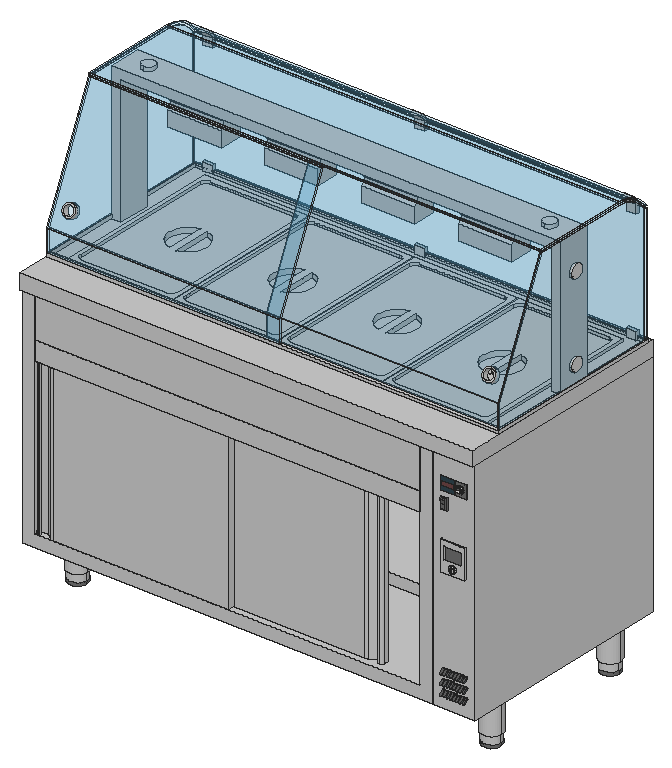
Revit family "QF_INOMAK_MFV714_250606105303", category Specialty Equipment, Revit 2021
Family settings
  Round Connector Dimension = Use Diameter
  Part Type = Normal
  OmniClass Number = 23.40.40.14
  OmniClass Title = Food Service Equipment
  Work Plane-Based = No
  Always vertical = Yes
  Cut with Voids When Loaded = No
  Shared = No
  Room Calculation Point = No
Parameters (values of type "MFV714")
  Weight [instance] = 103.002 kg
  Waste Water Discharge Temperature [instance] = 0 °C
  Waste Remarks [instance] = ""
  Warranty Start Date [instance] = ""
  Warranty Duration [instance] = ""
  Volts [instance] = 230 V
  Volt Free Conn [instance] = no
  URL Recommended Spares List [instance] = ""
  URL Manufacturer [instance] = ""
  URL Cutsheet [instance] = ""
  URL Critical Spares List [instance] = ""
  URL = "www.inomak.com"
  Technical Documentation [instance] = ""
  Tag Number [instance] = ""
  Status [instance] = ""
  Start Up Current [instance] = 0 A
  Specification by User [instance] = ""
  Specification by Manufacturer [instance] = ""
  Sound Level [instance] = ""
  Show Logo [instance] = yes
  Show Clearances [instance] = yes
  Service Life Duration [instance] = ""
  Serial Number [instance] = ""
  Seismic Rating [instance] = ""
  SMACNA No [instance] = ""
  Revision Code [instance] = ""
  Revision [instance] = ""
  Production Year [instance] = ""
  Potential Equalisation [instance] = no
  Point Load [instance] = 0
  Plumbing Remarks [instance] = ""
  Plumbing Connection Type [instance] = ""
  Phase [instance] = 1
  Other Equipment Approvals [instance] = ""
  Operational Current [instance] = 0 A
  Odor Trap Included [instance] = no
  Number of Poles [instance] = 2
  No Load Power Draw [instance] = no
  National Water Regulation Certification [instance] = no
  NAFEM Spec ID Number [instance] = ""
  Model Warning [instance] = ""
  Model = "MFV714"
  Min Ckt Ampacity [instance] = 0 A
  Max Overcurrent Protection [instance] = 16 A
  Masterspec [instance] = ""
  Manufacturer = "INOMAK"
  Main switch integrated [instance] = no
  Length Actual [instance] = 1405.89 mm
  Item Number [instance] = ""
  Installed By [instance] = ""
  Installation Date [instance] = ""
  Indirect Waste Size [instance] = 25.4 mm
  Indirect Waste Remarks [instance] = ""
  Indirect Waste Flow [instance] = 0.0 L/s
  Indirect Waste Connection Type [instance] = ""
  Indirect Waste Connection Height [instance] = 0 mm
  Identify Quantity as Lot [instance] = no
  ID [instance] = ""
  Hygiene Approval [instance] = ""
  Height Actual [instance] = 1312.926 mm
  HP power [instance] = ""
  Furnished By [instance] = ""
  Foodservice Equipment Identifier [instance] = no
  FL Amps [instance] = 11 A
  Electrical Remarks [instance] = ""
  Electric power [instance] = 2520 W
  Electric Connection Type [instance] = ""
  Elec Conn RI Height [instance] = 0 mm
  Elec Conn Connection Height [instance] = 0 mm
  ETL Approved [instance] = no
  Direct Waste Water Discharge Temperature [instance] = -273.15 °C
  Direct Waste Size [instance] = 25.4 mm
  Direct Waste RI Height [instance] = 0 mm
  Direct Waste Flow [instance] = 0.0 L/s
  Direct Waste Connection Height [instance] = 0 mm
  Description = "BAIN MARIE ON CUPBOARD WITH 3 GN PANS CAPACITY AND SHOWCASE"
  Depth Actual [instance] = 700.024 mm
  Default Elevation = 0 mm
  Cycle [instance] = 50 Hz
  Cost = 0
  Connection to energy optimisation system [instance] = yes
  Conn Plug [instance] = ""
  Conn Conduit [instance] = no
  Cold Water Temperature Recommended [instance] = 0 °C
  Cold Water Size [instance] = 12.7 mm
  Cold Water Remarks [instance] = ""
  Cold Water RI Height [instance] = 0 mm
  Cold Water Quality [instance] = ""
  Cold Water Minimum Pressure [instance] = 200000.0 Pa
  Cold Water Maximum Pressure [instance] = 600000.0 Pa
  Cold Water Flow [instance] = 0.0 L/s
  Cold Water Connection Type [instance] = ""
  Cold Water Connection Height [instance] = 0 mm
  Centralized building control system with digital interface [instance] = ""
  CSI MasterFormat [instance] = ""
  CE Approved [instance] = no
  Barcode [instance] = 0
  Author [instance] = ""
  Asset Identifier [instance] = ""
  Apparent Power [instance] = 2520 VA
  Accessory [instance] = no
Reference planes
  plane 1 "Center (Front/Back)": y = 0
  plane 2: z = 0
  plane 3 "Center (Left/Right)": x = 0
Forms (mm)
  Extrusion 1, solid, not visible
    sketch origin (110.005, -510.025, 146.007) x (1, 0, 0) y (0, 1, 0)
      loop
        line (-2, 2) -> (-2, -2) -> (2, -2) -> (2, 2) -> (-2, 2)
    from -2 to 2
  Extrusion 2, solid, not visible
    sketch origin (110.005, -410.02, 146.007) x (1, 0, 0) y (0, 1, 0)
      loop
        line (-2, 2) -> (-2, -2) -> (2, -2) -> (2, 2) -> (-2, 2)
    from -2 to 2
  Extrusion 3, solid, not visible
    sketch origin (1360.066, -635.031, 146.007) x (1, 0, 0) y (0, 1, 0)
      loop
        line (-2, 2) -> (-2, -2) -> (2, -2) -> (2, 2) -> (-2, 2)
    from -2 to 2
Dimensions and locks
  locked: nested 2 to Extrusion 1 at 2  (x2)
  locked: nested 3 to Extrusion 2 at 2  (x2)
  locked: nested 4 to Extrusion 3 at 2  (x2)
  aligned and locked: level to plane 2
Nested families
  nested 1: "QF_INOMAK_CUPBOARD_BAIN_MARIES_1410_2920" at (0, 0, 144), type "MFV714"
    with Weight 103.002 kg, Warranty Start Date "", Warranty Duration "", URL Cutsheet "", Technical Documentation "", Tag Number "", Status "", Specification by User "", Specification by Manufacturer "", Sound Level "", Solid Fuel Type "", Show Logo yes, Show Clearances yes, Service Life Duration "", Serial Number "", Seismic Rating "", SMACNA No "", Revision Code "", Revision "", Production Year "", Point Load 0, Other Equipment Approvals "", NAFEM Spec ID Number "", Model Warning "", Masterspec "", Length Actual 1405.89 mm, Item Number "", Installed By "", Installation Date "", Identify Quantity as Lot yes, ID "", Hygiene Approval "", Height Actual 1312.926 mm, Furnished By "", Foodservice Equipment Identifier yes, ETL Approved yes, Depth Actual 700.024 mm, CSI MasterFormat "", CE Approved yes, Barcode "", Author "", Asset Identifier "", Accessory no
  nested 2: "CONN_POINT_COLDWATER_2D___Generic_Annotation" at (110.005, -510.025, 144.007), type "CONN_POINT_COLDWATER_2D___Generic_Annotation"
    with Onboard connection annotation symbol visibility yes
  nested 3: "CONN_POINT_DRAIN_2D___Generic_Annotation" at (110.005, -410.02, 144.007), type "CONN_POINT_DRAIN_2D___Generic_Annotation"
    with Onboard connection annotation symbol visibility yes
  nested 4: "CONN_POINT_ELE_2D___Generic_Annotation" at (1360.066, -635.031, 144.007), type "CONN_POINT_ELE_2D___Generic_Annotation"
    with Onboard connection annotation symbol visibility yes
  nested 5: "QF_INOMAK_HEAT_WORKTOPS_HTVF_1410_5042" at (0, 0, 900), type "HTVF-1410-630"
    with Weight 0.00 kg, Warranty Start Date "", Warranty Duration "", URL Cutsheet "", Technical Documentation "", Tag Number "", Status "", Specification by User "", Specification by Manufacturer "", Sound Level "", Solid Fuel Type "", Show Logo yes, Show Clearances yes, Service Life Duration "", Serial Number "", Seismic Rating "", SMACNA No "", Revision Code "", Revision "", Production Year "", Point Load 0, Other Equipment Approvals "", NAFEM Spec ID Number "", Model Warning "", Masterspec "", Length Actual 1405.89 mm, Item Number "", Installed By "", Installation Date "", Identify Quantity as Lot yes, ID "", Hygiene Approval "", Height Actual 439.928 mm, Furnished By "", Foodservice Equipment Identifier yes, ETL Approved yes, Depth Actual 629.92 mm, CSI MasterFormat "", CE Approved yes, Barcode "", Author "", Asset Identifier "", Accessory yes
  nested 6: "QF_INOMAK_LEGS_6254" at (0, 0, 0), type "LG-1410-700"
    with Weight 0.00 kg, Warranty Start Date "", Warranty Duration "", URL Cutsheet "", Technical Documentation "", Tag Number "", Status "", Specification by User "", Specification by Manufacturer "", Sound Level "", Solid Fuel Type "", Show Logo yes, Show Clearances yes, Service Life Duration "", Serial Number "", Seismic Rating "", SMACNA No "", Revision Code "", Revision "", Production Year "", Point Load 0, Other Equipment Approvals "", NAFEM Spec ID Number "", Model Warning "", Masterspec "", Length Actual 1405.89 mm, Item Number "", Installed By "", Installation Date "", Identify Quantity as Lot yes, ID "", Hygiene Approval "", Height Actual 144.018 mm, Furnished By "", Foodservice Equipment Identifier yes, ETL Approved yes, Depth Actual 700.024 mm, CSI MasterFormat "", CE Approved yes, Barcode "", Author "", Asset Identifier "", Accessory yes
Connectors
  piping at (110.005, -510.025, 144.007), diameter 12.7, driven by "Cold Water Size", driven by "Cold Water Flow"
    settings: on Extrusion 1, index 1, connector inside diameter 609.6 mm, connector length 0 mm, flow factor 0, pipe flow 0.0 L/s, pressure drop 0.0 Pa, fitting loss kfactor 0, connector angle 0.00°, fixture units 0, engagement length 0 mm, angle of deflection 0.00°, flow configuration 1, flow direction 1, fitting loss method 0, system type 20, joint type 0, gender type 0, connector reference index -1, connector utility 0, adjustable connector no, is connector primary yes, connector description "Cold Water connection for MFV714"
  piping at (110.005, -410.02, 144.007), diameter 25.4, driven by "Indirect Waste Size", driven by "Direct Waste Flow"
    settings: on Extrusion 2, index 2, connector inside diameter 609.6 mm, connector length 0 mm, flow factor 0, pipe flow 0.0 L/s, pressure drop 0.0 Pa, fitting loss kfactor 0, connector angle 0.00°, fixture units 0, engagement length 0 mm, angle of deflection 0.00°, flow configuration 1, flow direction 2, fitting loss method 0, system type 16, joint type 0, gender type 0, connector reference index -1, connector utility 0, adjustable connector no, is connector primary no, connector description "Waste connection for MFV714"
  electrical at (1360.066, -635.031, 144.007), driven by "Apparent Power", driven by "Number of Poles", driven by "Volts"
    settings: on Extrusion 3, index 3, voltage 230 V, apparent load 0 VA, apparent load phase1 2520 VA, apparent load phase2 0 VA, apparent load phase3 0 VA, power factor 1, load classification "Other", number of poles 2, system type 31, power factor state 1, is connector primary yes, connector utility no, sub classification motor no, connector description "Electrical connection for MFV714"
Definition of nested family "QF_INOMAK_CUPBOARD_BAIN_MARIES_1410_2920"
  Parameters (values of type "MFV714")
    Weight [instance] = 0.00 kg
    Warranty Start Date [instance] = ""
    Warranty Duration [instance] = ""
    URL Cutsheet [instance] = ""
    URL = "www.inomak.com"
    Technical Documentation [instance] = ""
    Tag Number [instance] = ""
    Status [instance] = ""
    Specification by User [instance] = ""
    Specification by Manufacturer [instance] = ""
    Sound Level [instance] = ""
    Solid Fuel Type [instance] = ""
    Show Logo [instance] = yes
    Show Clearances [instance] = yes
    Service Life Duration [instance] = ""
    Serial Number [instance] = ""
    Seismic Rating [instance] = ""
    SMACNA No [instance] = ""
    Revision Code [instance] = ""
    Revision [instance] = ""
    Production Year [instance] = ""
    Point Load [instance] = 0
    Other Equipment Approvals [instance] = ""
    NAFEM Spec ID Number [instance] = ""
    Model Warning [instance] = ""
    Model = "MFV714"
    Masterspec [instance] = ""
    Manufacturer = "INOMAK"
    Length Actual [instance] = 0 mm
    Item Number [instance] = ""
    Installed By [instance] = ""
    Installation Date [instance] = ""
    Identify Quantity as Lot [instance] = yes
    ID [instance] = ""
    Hygiene Approval [instance] = ""
    Height Actual [instance] = 0 mm
    Furnished By [instance] = ""
    Foodservice Equipment Identifier [instance] = yes
    ETL Approved [instance] = yes
    Description = "BAIN MARIE ON CUPBOARD WITH 3 GN PANS CAPACITY AND SHOWCASE"
    Depth Actual [instance] = 0 mm
    Default Elevation = 0 mm
    CSI MasterFormat [instance] = ""
    CE Approved [instance] = yes
    Barcode [instance] = ""
    Author [instance] = ""
    Asset Identifier [instance] = ""
    Assembly Code = "E1090320"
    Accessory [instance] = yes
  Types (10, lengths in mm): name | Model | Description
    MFV714 | "MFV714" | "BAIN MARIE ON CUPBOARD WITH 3 GN PANS CAPACITY AND SHOWCASE"
    MDV714 | "MDV714" | "BAIN MARIE ON CUPBOARD WITH 3 GN PANS CAPACITY"
    MVV714 | "MVV714" | "BAIN MARIE ON CUPBOARD WITH 3 GN PANS CAPACITY AND SINGLE SNEEZE GUARD"
    MRV714 | "MRV714" | "BAIN MARIE ON CUPBOARD WITH 3 GN PANS CAPACITY AND DOUBLE SNEEZE GUARD"
    MFSQ714 | "MFSQ714" | "BAIN MARIE ON CUPBOARD WITH 3 GN PANS CAPACITY AND SQUARE SHOWCASE"
    MIV714 | "MIV714" | "BAIN MARIE ON HEATED CUPBOARD WITH 3 GN PANS CAPACITY AND SHOWCASE"
    MHV714 | "MHV714" | "BAIN MARIE ON HEATED CUPBOARD WITH 3 GN PANS CAPACITY"
    MJV714 | "MJV714" | "BAIN MARIE ON HEATED CUPBOARD WITH 3 GN PANS CAPACITY AND SINGLE SNEEZE GUARD"
    MQV714 | "MQV714" | "BAIN MARIE ON HEATED CUPBOARD WITH 3 GN PANS CAPACITY AND DOUBLE SNEEZE GUARD"
    MISQ714 | "MISQ714" | "BAIN MARIE ON HEATED CUPBOARD WITH 3 GN PANS CAPACITY AND SQUARE SHOWCASE"
  Reference planes
    plane 1 "Back": y = 0
    plane 2: z = 0
    plane 3 "Left": x = 0
    plane 4 "Right": x = 1406
    plane 5 "Front": y = -700
    plane 6 "Top": z = 756
  Forms (mm)
    Extrusion 1, solid
      sketch origin (784.283, -707, -123.631) x (-1, 0, 0) y (0, 0, 1)
        loop
          arc (-522.253, 235.165) -> (-526.351, 236.263) -> (-527.449, 232.165) r 3
          line (-527.449, 232.165) -> (-518.449, 216.577)
          arc (-518.449, 216.577) -> (-514.351, 215.479) -> (-513.253, 219.577) r 3
          line (-513.253, 219.577) -> (-522.253, 235.165)
        loop
          arc (-532.253, 235.165) -> (-536.351, 236.263) -> (-537.449, 232.165) r 3
          line (-537.449, 232.165) -> (-528.449, 216.577)
          arc (-528.449, 216.577) -> (-524.351, 215.479) -> (-523.253, 219.577) r 3
          line (-523.253, 219.577) -> (-532.253, 235.165)
        loop
          arc (-542.253, 235.165) -> (-546.351, 236.263) -> (-547.449, 232.165) r 3
          line (-547.449, 232.165) -> (-538.449, 216.577)
          arc (-538.449, 216.577) -> (-534.351, 215.479) -> (-533.253, 219.577) r 3
          line (-533.253, 219.577) -> (-542.253, 235.165)
        loop
          arc (-552.253, 235.165) -> (-556.351, 236.263) -> (-557.449, 232.165) r 3
          line (-557.449, 232.165) -> (-548.449, 216.577)
          arc (-548.449, 216.577) -> (-544.351, 215.479) -> (-543.253, 219.577) r 3
          line (-543.253, 219.577) -> (-552.253, 235.165)
        loop
          arc (-562.253, 235.165) -> (-566.351, 236.263) -> (-567.449, 232.165) r 3
          line (-567.449, 232.165) -> (-558.449, 216.577)
          arc (-558.449, 216.577) -> (-554.351, 215.479) -> (-553.253, 219.577) r 3
          line (-553.253, 219.577) -> (-562.253, 235.165)
        loop
          arc (-572.253, 235.165) -> (-576.351, 236.263) -> (-577.449, 232.165) r 3
          line (-577.449, 232.165) -> (-568.449, 216.577)
          arc (-568.449, 216.577) -> (-564.351, 215.479) -> (-563.253, 219.577) r 3
          line (-563.253, 219.577) -> (-572.253, 235.165)
        loop
          arc (-582.253, 235.165) -> (-586.351, 236.263) -> (-587.449, 232.165) r 3
          line (-587.449, 232.165) -> (-578.449, 216.577)
          arc (-578.449, 216.577) -> (-574.351, 215.479) -> (-573.253, 219.577) r 3
          line (-573.253, 219.577) -> (-582.253, 235.165)
        loop
          arc (-592.253, 235.165) -> (-596.351, 236.263) -> (-597.449, 232.165) r 3
          line (-597.449, 232.165) -> (-588.449, 216.577)
          arc (-588.449, 216.577) -> (-584.351, 215.479) -> (-583.253, 219.577) r 3
          line (-583.253, 219.577) -> (-592.253, 235.165)
        loop
          arc (-522.253, 205.165) -> (-526.351, 206.263) -> (-527.449, 202.165) r 3
          line (-527.449, 202.165) -> (-518.449, 186.577)
          arc (-518.449, 186.577) -> (-514.351, 185.479) -> (-513.253, 189.577) r 3
          line (-513.253, 189.577) -> (-522.253, 205.165)
        loop
          arc (-532.253, 205.165) -> (-536.351, 206.263) -> (-537.449, 202.165) r 3
          line (-537.449, 202.165) -> (-528.449, 186.577)
          arc (-528.449, 186.577) -> (-524.351, 185.479) -> (-523.253, 189.577) r 3
          line (-523.253, 189.577) -> (-532.253, 205.165)
        loop
          arc (-542.253, 205.165) -> (-546.351, 206.263) -> (-547.449, 202.165) r 3
          line (-547.449, 202.165) -> (-538.449, 186.577)
          arc (-538.449, 186.577) -> (-534.351, 185.479) -> (-533.253, 189.577) r 3
          line (-533.253, 189.577) -> (-542.253, 205.165)
        loop
          arc (-552.253, 205.165) -> (-556.351, 206.263) -> (-557.449, 202.165) r 3
          line (-557.449, 202.165) -> (-548.449, 186.577)
          arc (-548.449, 186.577) -> (-544.351, 185.479) -> (-543.253, 189.577) r 3
          line (-543.253, 189.577) -> (-552.253, 205.165)
        loop
          arc (-562.253, 205.165) -> (-566.351, 206.263) -> (-567.449, 202.165) r 3
          line (-567.449, 202.165) -> (-558.449, 186.577)
          arc (-558.449, 186.577) -> (-554.351, 185.479) -> (-553.253, 189.577) r 3
          line (-553.253, 189.577) -> (-562.253, 205.165)
        loop
          arc (-572.253, 205.165) -> (-576.351, 206.263) -> (-577.449, 202.165) r 3
          line (-577.449, 202.165) -> (-568.449, 186.577)
          arc (-568.449, 186.577) -> (-564.351, 185.479) -> (-563.253, 189.577) r 3
          line (-563.253, 189.577) -> (-572.253, 205.165)
        loop
          arc (-582.253, 205.165) -> (-586.351, 206.263) -> (-587.449, 202.165) r 3
          line (-587.449, 202.165) -> (-578.449, 186.577)
          arc (-578.449, 186.577) -> (-574.351, 185.479) -> (-573.253, 189.577) r 3
          line (-573.253, 189.577) -> (-582.253, 205.165)
        loop
          arc (-592.253, 205.165) -> (-596.351, 206.263) -> (-597.449, 202.165) r 3
          line (-597.449, 202.165) -> (-588.449, 186.577)
          arc (-588.449, 186.577) -> (-584.351, 185.479) -> (-583.253, 189.577) r 3
          line (-583.253, 189.577) -> (-592.253, 205.165)
        loop
          arc (-522.253, 175.165) -> (-526.351, 176.263) -> (-527.449, 172.165) r 3
          line (-527.449, 172.165) -> (-518.449, 156.577)
          arc (-518.449, 156.577) -> (-514.351, 155.479) -> (-513.253, 159.577) r 3
          line (-513.253, 159.577) -> (-522.253, 175.165)
        loop
          arc (-532.253, 175.165) -> (-536.351, 176.263) -> (-537.449, 172.165) r 3
          line (-537.449, 172.165) -> (-528.449, 156.577)
          arc (-528.449, 156.577) -> (-524.351, 155.479) -> (-523.253, 159.577) r 3
          line (-523.253, 159.577) -> (-532.253, 175.165)
        loop
          arc (-542.253, 175.165) -> (-546.351, 176.263) -> (-547.449, 172.165) r 3
          line (-547.449, 172.165) -> (-538.449, 156.577)
          arc (-538.449, 156.577) -> (-534.351, 155.479) -> (-533.253, 159.577) r 3
          line (-533.253, 159.577) -> (-542.253, 175.165)
        loop
          arc (-552.253, 175.165) -> (-556.351, 176.263) -> (-557.449, 172.165) r 3
          line (-557.449, 172.165) -> (-548.449, 156.577)
          arc (-548.449, 156.577) -> (-544.351, 155.479) -> (-543.253, 159.577) r 3
          line (-543.253, 159.577) -> (-552.253, 175.165)
        loop
          arc (-562.253, 175.165) -> (-566.351, 176.263) -> (-567.449, 172.165) r 3
          line (-567.449, 172.165) -> (-558.449, 156.577)
          arc (-558.449, 156.577) -> (-554.351, 155.479) -> (-553.253, 159.577) r 3
          line (-553.253, 159.577) -> (-562.253, 175.165)
        loop
          arc (-572.253, 175.165) -> (-576.351, 176.263) -> (-577.449, 172.165) r 3
          line (-577.449, 172.165) -> (-568.449, 156.577)
          arc (-568.449, 156.577) -> (-564.351, 155.479) -> (-563.253, 159.577) r 3
          line (-563.253, 159.577) -> (-572.253, 175.165)
        loop
          arc (-582.253, 175.165) -> (-586.351, 176.263) -> (-587.449, 172.165) r 3
          line (-587.449, 172.165) -> (-578.449, 156.577)
          arc (-578.449, 156.577) -> (-574.351, 155.479) -> (-573.253, 159.577) r 3
          line (-573.253, 159.577) -> (-582.253, 175.165)
        loop
          arc (-592.253, 175.165) -> (-596.351, 176.263) -> (-597.449, 172.165) r 3
          line (-597.449, 172.165) -> (-588.449, 156.577)
          arc (-588.449, 156.577) -> (-584.351, 155.479) -> (-583.253, 159.577) r 3
          line (-583.253, 159.577) -> (-592.253, 175.165)
      from 16.5 to 18.5
    Extrusion 2, solid
      sketch origin (1092.266, -692, 538.514) x (-1, 0, 0) y (0, 0, 1)
        loop
          line (-208.234, 108.408) -> (-253.234, 108.408) -> (-253.234, 68.408) -> (-208.234, 68.408) -> (-208.234, 108.408)
      from 0 to 2
    Extrusion 3, solid
      sketch origin (370.5, -693, 539.422) x (-1, 0, 0) y (0, 0, 1)
        loop
          line (-950, 15) -> (-930, 15) -> (-930, 50) -> (-950, 50) -> (-950, 15)
      from 0 to 3
    Extrusion 4, solid
      sketch origin (398.5, -568, 539.422) x (0, 1, 0) y (0, 0, 1)
        loop
          line (-125, 18) -> (-125, 47)
          arc (-125, 47) -> (-127.961, 46.812) -> (-130.754, 45.81) r 10.576
          line (-130.754, 45.81) -> (-128, 32.5) -> (-128, 18) -> (-125, 18)
      from 905 to 919
    Extrusion 5, solid
      sketch origin (1137.266, -692, 538.514) x (-1, 0, 0) y (0, 0, 1)
        loop
          line (-208.234, 108.408) -> (-243.234, 108.408) -> (-243.234, 68.408) -> (-208.234, 68.408) -> (-208.234, 108.408)
      from 0 to 2
    Extrusion 6, solid
      sketch origin (1092.266, -692.5, 538.514) x (-1, 0, 0) y (0, 0, 1)
        loop
          line (-213.234, 94.908) -> (-248.234, 94.908) -> (-248.234, 81.908) -> (-213.234, 81.908) -> (-213.234, 94.908)
      from 0 to 2.5
    Extrusion 7, solid
      sketch origin (1092.266, -692.5, 538.514) x (-1, 0, 0) y (0, 0, 1)
        loop
          line (-271.558, 91.171) -> (-275.802, 98.522) -> (-280.047, 91.171) -> (-271.558, 91.171)
        loop
          line (-271.558, 85.645) -> (-280.047, 85.645) -> (-275.802, 78.294) -> (-271.558, 85.645)
        loop
          line (-257.397, 85.645) -> (-267.397, 85.645) -> (-267.397, 78.294) -> (-257.397, 78.294) -> (-257.397, 85.645)
        loop
          line (-265.397, 98.522) -> (-267.397, 98.522) -> (-267.397, 92.322) -> (-259.549, 92.322) -> (-259.549, 91.171) -> (-257.397, 93.322) -> (-259.549, 95.474) -> (-259.549, 94.322) -> (-265.397, 94.322) -> (-265.397, 98.522)
      from 0 to 2.5
    Extrusion 8, solid
      sketch origin (-2, 0, 492) x (1, 0, 0) y (0, 1, 0)
        loop
          line (55, -50) -> (55, -580) -> (380, -580) -> (380, -50) -> (55, -50)
        loop
          arc (87.5, -65) -> (73.358, -70.858) -> (67.5, -85) r 20
          line (67.5, -85) -> (67.5, -545.415)
          arc (67.5, -545.415) -> (73.358, -559.557) -> (87.5, -565.415) r 20
          line (87.5, -565.415) -> (347.5, -565.415)
          arc (347.5, -565.415) -> (361.642, -559.557) -> (367.5, -545.415) r 20
          line (367.5, -545.415) -> (367.5, -85)
          arc (367.5, -85) -> (361.642, -70.858) -> (347.5, -65) r 20
          line (347.5, -65) -> (87.5, -65)
      from 218 to 270
    Extrusion 9, solid
      sketch origin (-2, 0, 485) x (1, 0, 0) y (0, 1, 0)
        loop
          arc (67.5, -545.415) -> (73.358, -559.557) -> (87.5, -565.415) r 20
          line (87.5, -565.415) -> (347.5, -565.415)
          arc (347.5, -565.415) -> (361.642, -559.557) -> (367.5, -545.415) r 20
          line (367.5, -545.415) -> (367.5, -85)
          arc (367.5, -85) -> (361.642, -70.858) -> (347.5, -65) r 20
          line (347.5, -65) -> (87.5, -65)
          arc (87.5, -65) -> (73.358, -70.858) -> (67.5, -85) r 20
          line (67.5, -85) -> (67.5, -545.415)
      from 225 to 270
    Extrusion 10, void
      sketch origin (-2, 0, 500) x (1, 0, 0) y (0, 1, 0)
        loop
          arc (207.5, -256.046) -> (157.5, -315.207) -> (207.5, -374.368) r 60
          line (207.5, -374.368) -> (207.5, -256.046)
        loop
          line (227.5, -256.046) -> (227.5, -374.368)
          arc (227.5, -374.368) -> (277.5, -315.207) -> (227.5, -256.046) r 60
      from 240 to 270
    Extrusion 11, solid
      sketch origin (323, 0, 492) x (1, 0, 0) y (0, 1, 0)
        loop
          line (55, -50) -> (55, -580) -> (380, -580) -> (380, -50) -> (55, -50)
        loop
          arc (87.5, -65) -> (73.358, -70.858) -> (67.5, -85) r 20
          line (67.5, -85) -> (67.5, -545.415)
          arc (67.5, -545.415) -> (73.358, -559.557) -> (87.5, -565.415) r 20
          line (87.5, -565.415) -> (347.5, -565.415)
          arc (347.5, -565.415) -> (361.642, -559.557) -> (367.5, -545.415) r 20
          line (367.5, -545.415) -> (367.5, -85)
          arc (367.5, -85) -> (361.642, -70.858) -> (347.5, -65) r 20
          line (347.5, -65) -> (87.5, -65)
      from 218 to 270
    Extrusion 12, solid
      sketch origin (323, 0, 485) x (1, 0, 0) y (0, 1, 0)
        loop
          arc (67.5, -545.415) -> (73.358, -559.557) -> (87.5, -565.415) r 20
          line (87.5, -565.415) -> (347.5, -565.415)
          arc (347.5, -565.415) -> (361.642, -559.557) -> (367.5, -545.415) r 20
          line (367.5, -545.415) -> (367.5, -85)
          arc (367.5, -85) -> (361.642, -70.858) -> (347.5, -65) r 20
          line (347.5, -65) -> (87.5, -65)
          arc (87.5, -65) -> (73.358, -70.858) -> (67.5, -85) r 20
          line (67.5, -85) -> (67.5, -545.415)
      from 225 to 270
    Extrusion 13, void
      sketch origin (323, 0, 500) x (1, 0, 0) y (0, 1, 0)
        loop
          arc (207.5, -256.046) -> (157.5, -315.207) -> (207.5, -374.368) r 60
          line (207.5, -374.368) -> (207.5, -256.046)
        loop
          line (227.5, -256.046) -> (227.5, -374.368)
          arc (227.5, -374.368) -> (277.5, -315.207) -> (227.5, -256.046) r 60
      from 240 to 270
    Extrusion 14, solid
      sketch origin (973, 0, 492) x (1, 0, 0) y (0, 1, 0)
        loop
          line (55, -50) -> (55, -580) -> (380, -580) -> (380, -50) -> (55, -50)
        loop
          arc (87.5, -65) -> (73.358, -70.858) -> (67.5, -85) r 20
          line (67.5, -85) -> (67.5, -545.415)
          arc (67.5, -545.415) -> (73.358, -559.557) -> (87.5, -565.415) r 20
          line (87.5, -565.415) -> (347.5, -565.415)
          arc (347.5, -565.415) -> (361.642, -559.557) -> (367.5, -545.415) r 20
          line (367.5, -545.415) -> (367.5, -85)
          arc (367.5, -85) -> (361.642, -70.858) -> (347.5, -65) r 20
          line (347.5, -65) -> (87.5, -65)
      from 218 to 270
    Extrusion 15, solid
      sketch origin (973, 0, 485) x (1, 0, 0) y (0, 1, 0)
        loop
          arc (67.5, -545.415) -> (73.358, -559.557) -> (87.5, -565.415) r 20
          line (87.5, -565.415) -> (347.5, -565.415)
          arc (347.5, -565.415) -> (361.642, -559.557) -> (367.5, -545.415) r 20
          line (367.5, -545.415) -> (367.5, -85)
          arc (367.5, -85) -> (361.642, -70.858) -> (347.5, -65) r 20
          line (347.5, -65) -> (87.5, -65)
          arc (87.5, -65) -> (73.358, -70.858) -> (67.5, -85) r 20
          line (67.5, -85) -> (67.5, -545.415)
      from 225 to 270
    Extrusion 16, void
      sketch origin (973, 0, 500) x (1, 0, 0) y (0, 1, 0)
        loop
          arc (207.5, -256.046) -> (157.5, -315.207) -> (207.5, -374.368) r 60
          line (207.5, -374.368) -> (207.5, -256.046)
        loop
          line (227.5, -256.046) -> (227.5, -374.368)
          arc (227.5, -374.368) -> (277.5, -315.207) -> (227.5, -256.046) r 60
      from 240 to 270
    Extrusion 17, solid
      sketch origin (0, 0, 710) x (1, 0, 0) y (0, 1, 0)
        loop
          line (0, 0) -> (0, -700) -> (1406, -700) -> (1406, 0) -> (0, 0)
        loop
          line (53, -50) -> (53, -580) -> (1353, -580) -> (1353, -50) -> (53, -50)
      from 0 to 46
    Extrusion 18, solid
      sketch origin (0, 0, 0) x (1, 0, 0) y (0, 1, 0)
        loop
          line (0, -690) -> (40, -690) -> (40, -40) -> (1235, -40) -> (1235, -690) -> (1275, -690) -> (1275, 0) -> (0, 0) -> (0, -690)
      from 0 to 710
    Extrusion 19, solid
      sketch origin (303, 0, 0) x (1, 0, 0) y (0, 1, 0)
        loop
          line (972, 0) -> (972, -690) -> (1103, -690) -> (1103, 0) -> (972, 0)
      from 0 to 710
    Extrusion 20, solid
      sketch origin (-130, -690, 0) x (-1, 0, 0) y (0, 1, 0)
        loop
          line (-170, 10) -> (-170, 20) -> (-770, 20) -> (-770, 0) -> (-226.156, 0)
          arc (-226.156, 0) -> (-220.272, 0.885) -> (-214.91, 3.461) r 20
          line (-214.91, 3.461) -> (-195, 17) -> (-173, 17) -> (-173, 10)
          arc (-173, 10) -> (-175.05, 5.05) -> (-180, 3) r 7
          line (-180, 3) -> (-185.012, 3) -> (-185.012, 0) -> (-180, 0)
          arc (-180, 0) -> (-172.929, 2.929) -> (-170, 10) r 10
      from -40 to -520
    Extrusion 21, solid
      sketch origin (173, -690, 0) x (-1, 0, 0) y (0, 1, 0)
        loop
          arc (-930, 30) -> (-927.071, 22.929) -> (-920, 20) r 10
          line (-920, 20) -> (-914.988, 20) -> (-914.988, 23) -> (-920, 23)
          arc (-920, 23) -> (-924.95, 25.05) -> (-927, 30) r 7
          line (-927, 30) -> (-927, 37) -> (-905, 37) -> (-885.09, 23.461)
          arc (-885.09, 23.461) -> (-879.728, 20.885) -> (-873.844, 20) r 20
          line (-873.844, 20) -> (-325, 20) -> (-325, 40) -> (-930, 40) -> (-930, 30)
      from -40 to -520
    Extrusion 22, solid
      sketch origin (0, 0, 0) x (1, 0, 0) y (0, 1, 0)
        loop
          line (40, -40) -> (40, -690) -> (1235, -690) -> (1235, -40) -> (40, -40)
      from 0 to 40
    Extrusion 23, solid
      sketch origin (0, 0, 672.314) x (1, 0, 0) y (0, 1, 0)
        loop
          line (40, -40) -> (40, -690) -> (1235, -690) -> (1235, -40) -> (40, -40)
      from -92.314 to 37.686
    Extrusion 24, solid
      sketch origin (0, 0, 610.314) x (1, 0, 0) y (0, 1, 0)
        loop
          line (40, -40) -> (40, -690) -> (1235, -690) -> (1235, -40) -> (40, -40)
      from -90.314 to -30.314
    Extrusion 25, solid
      sketch origin (-2, 0, 252.5) x (1, 0, 0) y (0, 1, 0)
        loop
          line (42, -40) -> (42, -645) -> (1237, -645) -> (1237, -40) -> (42, -40)
      from 0 to 35
    Extrusion 26, solid
      sketch origin (310.002, -695, 50) x (-1, 0, 0) y (0, 0, 1)
        loop
          line (-992.998, 421.076) -> (-1067.998, 421.076) -> (-1067.998, 331.076) -> (-992.998, 331.076) -> (-992.998, 421.076)
        loop
          line (-1003.957, 406.276) -> (-1058.957, 406.276) -> (-1058.957, 366.276) -> (-1003.957, 366.276) -> (-1003.957, 406.276)
      from 0 to 5
    Extrusion 27, solid
      sketch origin (310.002, -692, 50) x (-1, 0, 0) y (0, 0, 1)
        loop
          line (-1003.957, 406.276) -> (-1058.957, 406.276) -> (-1058.957, 366.276) -> (-1003.957, 366.276) -> (-1003.957, 406.276)
      from 0 to 2
    Revolve 28, solid
      sketch origin (1340.5, 59.612, -3292.415) x (0, 1, 0) y (0, 0, 1)
        loop
          line (-757.012, 3691.152) -> (-754.612, 3691.152) -> (-754.612, 3701.789) -> (-757.662, 3701.789) -> (-759.012, 3699.998) -> (-757.012, 3699.998) -> (-757.012, 3691.152)
        axis (-754.612, 3691.152) -> (-759.012, 3691.152)
      angle from 0 to 360
    Extrusion 29, solid
      sketch origin (-751.127, -695, 2689.585) x (-1, 0, 0) y (0, 0, 1)
        loop
          line (-2090.827, -2287.348) -> (-2092.827, -2287.348) -> (-2092.827, -2294.348) -> (-2090.827, -2294.348) -> (-2090.827, -2287.348)
        loop
          circle (-2091.627, -2290.848) r 7.846
      from -4.4 to -2.4
    Extrusion 30, solid
      sketch origin (648, 0, 492) x (1, 0, 0) y (0, 1, 0)
        loop
          line (55, -50) -> (55, -580) -> (380, -580) -> (380, -50) -> (55, -50)
        loop
          arc (87.5, -65) -> (73.358, -70.858) -> (67.5, -85) r 20
          line (67.5, -85) -> (67.5, -545.415)
          arc (67.5, -545.415) -> (73.358, -559.557) -> (87.5, -565.415) r 20
          line (87.5, -565.415) -> (347.5, -565.415)
          arc (347.5, -565.415) -> (361.642, -559.557) -> (367.5, -545.415) r 20
          line (367.5, -545.415) -> (367.5, -85)
          arc (367.5, -85) -> (361.642, -70.858) -> (347.5, -65) r 20
          line (347.5, -65) -> (87.5, -65)
      from 218 to 270
    Extrusion 31, solid
      sketch origin (648, 0, 485) x (1, 0, 0) y (0, 1, 0)
        loop
          arc (67.5, -545.415) -> (73.358, -559.557) -> (87.5, -565.415) r 20
          line (87.5, -565.415) -> (347.5, -565.415)
          arc (347.5, -565.415) -> (361.642, -559.557) -> (367.5, -545.415) r 20
          line (367.5, -545.415) -> (367.5, -85)
          arc (367.5, -85) -> (361.642, -70.858) -> (347.5, -65) r 20
          line (347.5, -65) -> (87.5, -65)
          arc (87.5, -65) -> (73.358, -70.858) -> (67.5, -85) r 20
          line (67.5, -85) -> (67.5, -545.415)
      from 225 to 270
    Extrusion 32, void
      sketch origin (648, 0, 500) x (1, 0, 0) y (0, 1, 0)
        loop
          arc (207.5, -256.046) -> (157.5, -315.207) -> (207.5, -374.368) r 60
          line (207.5, -374.368) -> (207.5, -256.046)
        loop
          line (227.5, -256.046) -> (227.5, -374.368)
          arc (227.5, -374.368) -> (277.5, -315.207) -> (227.5, -256.046) r 60
      from 240 to 270
  Cuts and joins
    Extrusion 10, Extrusion 13 cuts Extrusion 9
    Extrusion 13, Extrusion 16, Extrusion 32 cuts Extrusion 12
    Extrusion 16 cuts Extrusion 15
    joined: Extrusion 18, Extrusion 22
    Extrusion 32 cuts Extrusion 31
  Lines and regions (mm)
    symbolic lines
      curve 1: line (0, 0, 0) -> (1406, 0, 0)
      curve 2: line (0, -700, 0) -> (0, 0, 0)
      curve 3: line (1406, -700, 0) -> (0, -700, 0)
      curve 4: line (1406, 0, 0) -> (1406, -700, 0)
      curve 5: line (53, -50, 0) -> (1353, -50, 0)
      curve 6: line (53, -580, 0) -> (53, -50, 0)
      curve 7: line (1353, -580, 0) -> (53, -580, 0)
      curve 8: line (703, -50, 0) -> (703, -580, 0)
      curve 9: line (378, -50, 0) -> (378, -580, 0)
      curve 10: line (1353, -50, 0) -> (1353, -580, 0)
      curve 11: line (1028, -50, 0) -> (1028, -580, 0)
      curve 12: line (85.5, -65, 0) -> (345.5, -65, 0)
      curve 13: arc (345.5, -65, 0) -> (359.642, -70.858, 0) -> (365.5, -85, 0) r 20
      curve 14: line (365.5, -85, 0) -> (365.5, -545.415, 0)
      curve 15: arc (365.5, -545.415, 0) -> (359.642, -559.557, 0) -> (345.5, -565.415, 0) r 20
      curve 16: line (345.5, -565.415, 0) -> (85.5, -565.415, 0)
      curve 17: arc (85.5, -565.415, 0) -> (71.358, -559.557, 0) -> (65.5, -545.415, 0) r 20
      curve 18: line (65.5, -545.415, 0) -> (65.5, -85, 0)
      curve 19: arc (65.5, -85, 0) -> (71.358, -70.858, 0) -> (85.5, -65, 0) r 20
      curve 20: arc (205.5, -256.046, 0) -> (155.5, -315.207, 0) -> (205.5, -374.368, 0) r 60
      curve 21: line (205.5, -374.368, 0) -> (205.5, -256.046, 0)
      curve 22: line (225.5, -256.046, 0) -> (225.5, -374.368, 0)
      curve 23: arc (225.5, -374.368, 0) -> (275.5, -315.207, 0) -> (225.5, -256.046, 0) r 60
      curve 24: arc (390.5, -85, 0) -> (396.358, -70.858, 0) -> (410.5, -65, 0) r 20
      curve 25: line (410.5, -65, 0) -> (670.5, -65, 0)
      curve 26: arc (670.5, -65, 0) -> (684.642, -70.858, 0) -> (690.5, -85, 0) r 20
      curve 27: line (690.5, -85, 0) -> (690.5, -545.415, 0)
      curve 28: arc (690.5, -545.415, 0) -> (684.642, -559.557, 0) -> (670.5, -565.415, 0) r 20
      curve 29: line (670.5, -565.415, 0) -> (410.5, -565.415, 0)
      curve 30: arc (410.5, -565.415, 0) -> (396.358, -559.557, 0) -> (390.5, -545.415, 0) r 20
      curve 31: line (390.5, -545.415, 0) -> (390.5, -85, 0)
      curve 32: arc (530.5, -256.046, 0) -> (480.5, -315.207, 0) -> (530.5, -374.368, 0) r 60
      curve 33: line (530.5, -374.368, 0) -> (530.5, -256.046, 0)
      curve 34: line (550.5, -256.046, 0) -> (550.5, -374.368, 0)
      curve 35: arc (550.5, -374.368, 0) -> (600.5, -315.207, 0) -> (550.5, -256.046, 0) r 60
      curve 36: line (715.5, -545.415, 0) -> (715.5, -85, 0)
      curve 37: arc (715.5, -85, 0) -> (721.358, -70.858, 0) -> (735.5, -65, 0) r 20
      curve 38: line (735.5, -65, 0) -> (995.5, -65, 0)
      curve 39: arc (995.5, -65, 0) -> (1009.642, -70.858, 0) -> (1015.5, -85, 0) r 20
      curve 40: line (1015.5, -85, 0) -> (1015.5, -545.415, 0)
      curve 41: arc (1015.5, -545.415, 0) -> (1009.642, -559.557, 0) -> (995.5, -565.415, 0) r 20
      curve 42: line (995.5, -565.415, 0) -> (735.5, -565.415, 0)
      curve 43: arc (735.5, -565.415, 0) -> (721.358, -559.557, 0) -> (715.5, -545.415, 0) r 20
      curve 44: arc (855.5, -256.046, 0) -> (805.5, -315.207, 0) -> (855.5, -374.368, 0) r 60
      curve 45: line (855.5, -374.368, 0) -> (855.5, -256.046, 0)
      curve 46: line (875.5, -256.046, 0) -> (875.5, -374.368, 0)
      curve 47: arc (875.5, -374.368, 0) -> (925.5, -315.207, 0) -> (875.5, -256.046, 0) r 60
      curve 48: line (1060.5, -65, 0) -> (1320.5, -65, 0)
      curve 49: arc (1320.5, -65, 0) -> (1334.642, -70.858, 0) -> (1340.5, -85, 0) r 20
      curve 50: line (1340.5, -85, 0) -> (1340.5, -545.415, 0)
      curve 51: arc (1340.5, -545.415, 0) -> (1334.642, -559.557, 0) -> (1320.5, -565.415, 0) r 20
      curve 52: line (1320.5, -565.415, 0) -> (1060.5, -565.415, 0)
      curve 53: arc (1060.5, -565.415, 0) -> (1046.358, -559.557, 0) -> (1040.5, -545.415, 0) r 20
      curve 54: line (1040.5, -545.415, 0) -> (1040.5, -85, 0)
      curve 55: arc (1040.5, -85, 0) -> (1046.358, -70.858, 0) -> (1060.5, -65, 0) r 20
      curve 56: arc (1180.5, -256.046, 0) -> (1130.5, -315.207, 0) -> (1180.5, -374.368, 0) r 60
      curve 57: line (1180.5, -374.368, 0) -> (1180.5, -256.046, 0)
      curve 58: line (1200.5, -256.046, 0) -> (1200.5, -374.368, 0)
      curve 59: arc (1200.5, -374.368, 0) -> (1250.5, -315.207, 0) -> (1200.5, -256.046, 0) r 60
  Dimensions and locks
    plane 3 "Left" to plane 4 "Right" = 1406 mm
    plane 5 "Front" to plane 1 "Back" = 700 mm
    plane 6 "Top" to plane 2 = 756 mm
    aligned and locked: level to plane 2
Definition of nested family "QF_INOMAK_HEAT_WORKTOPS_HTVF_1410_5042"
  Parameters (values of type "HTVF-1410-630")
    Weight [instance] = 0.00 kg
    Warranty Start Date [instance] = ""
    Warranty Duration [instance] = ""
    URL Cutsheet [instance] = ""
    URL = "www.inomak.com"
    Technical Documentation [instance] = ""
    Tag Number [instance] = ""
    Status [instance] = ""
    Specification by User [instance] = ""
    Specification by Manufacturer [instance] = ""
    Sound Level [instance] = ""
    Solid Fuel Type [instance] = ""
    Show Logo [instance] = yes
    Show Clearances [instance] = yes
    Service Life Duration [instance] = ""
    Serial Number [instance] = ""
    Seismic Rating [instance] = ""
    SMACNA No [instance] = ""
    Revision Code [instance] = ""
    Revision [instance] = ""
    Production Year [instance] = ""
    Point Load [instance] = 0
    Other Equipment Approvals [instance] = ""
    NAFEM Spec ID Number [instance] = ""
    Model Warning [instance] = ""
    Model = "HTVF"
    Masterspec [instance] = ""
    Manufacturer = "INOMAK"
    Length Actual [instance] = 0 mm
    Item Number [instance] = ""
    Installed By [instance] = ""
    Installation Date [instance] = ""
    Identify Quantity as Lot [instance] = yes
    ID [instance] = ""
    Hygiene Approval [instance] = ""
    Height Actual [instance] = 0 mm
    Furnished By [instance] = ""
    Foodservice Equipment Identifier [instance] = yes
    ETL Approved [instance] = yes
    Description = "FULL LENGTH VITRINE"
    Depth Actual [instance] = 0 mm
    Default Elevation = 0 mm
    CSI MasterFormat [instance] = ""
    CE Approved [instance] = yes
    Barcode [instance] = ""
    Author [instance] = ""
    Asset Identifier [instance] = ""
    Assembly Code = "E1090320"
    Accessory [instance] = yes
  Reference planes
    plane 1 "Back": y = 0
    plane 2: z = 0
    plane 3 "Left": x = 0
    plane 4 "Right": x = 1406
    plane 5 "Front": y = -630
    plane 6 "Top": z = 440
  Forms (mm)
    Extrusion 1, solid
      sketch origin (1080, -2300.77, 3167) x (0, -1, 0) y (0, 0, 1)
        loop
          line (-2280.77, -3157) -> (-2275.77, -3157) -> (-2275.77, -2791.06) -> (-2280.77, -2791.06) -> (-2280.77, -3157)
      from -326 to 1080
    Extrusion 2, solid
      sketch origin (0, 0, -833) x (0, 1, 0) y (0, 0, 1)
        loop
          line (-596, 843) -> (-30, 843) -> (-30, 1210.94)
          arc (-30, 1210.94) -> (-72.588, 1249.179) -> (-128.129, 1263) r 118.514
          line (-128.129, 1263) -> (-432.792, 1263) -> (-596, 913) -> (-596, 843)
      from 0 to 5
    Extrusion 3, solid
      sketch origin (1080, 0, -833) x (0, -1, 0) y (0, 0, 1)
        loop
          line (20, 1213.94) -> (25.993, 1213.94)
          arc (25.993, 1213.94) -> (70.349, 1253.652) -> (128.129, 1268) r 123.514
          line (128.129, 1268) -> (432.8, 1268) -> (432.8, 1273) -> (128.129, 1273)
          arc (128.129, 1273) -> (66.526, 1257.273) -> (20, 1213.94) r 128.514
      from -326 to 1080
    Extrusion 4, solid
      sketch origin (0, 1874.578, 0) x (0, 1, 0) y (-1, 0, 0)
        loop
          line (-1894.578, 0) -> (-2470.578, 0) -> (-2470.578, -1406) -> (-1894.578, -1406) -> (-1894.578, 0)
        loop
          line (-2460.578, -5) -> (-2460.578, -1401) -> (-1899.578, -1401) -> (-1899.578, -5) -> (-2460.578, -5)
      from 0 to 10
    Extrusion 5, solid
      sketch origin (1406, -2300.77, 3167) x (0, -1, 0) y (0, 0, 1)
        loop
          line (-1704.77, -3157) -> (-1704.77, -3087) -> (-1867.977, -2737) -> (-2172.64, -2737)
          arc (-2172.64, -2737) -> (-2228.182, -2750.821) -> (-2270.77, -2789.06) r 118.514
          line (-2270.77, -2789.06) -> (-2270.77, -3157) -> (-1704.77, -3157)
      from 0 to 5
    Extrusion 6, solid
      sketch origin (789.276, 0, -833) x (0, -1, 0) y (0, 0, 1)
        loop
          line (596, 913) -> (432.792, 1263) -> (427.275, 1263) -> (591, 911.892) -> (591, 843) -> (596, 843) -> (596, 913)
      from 63.776 to 784.276
    Extrusion 7, solid
      sketch origin (326.724, 0, -833) x (0, -1, 0) y (0, 0, -1)
        loop
          line (591, -843) -> (586, -843) -> (586, -910.783) -> (421.759, -1263) -> (427.275, -1263) -> (591, -911.892) -> (591, -843)
      from 351.776 to 1074.276
    Extrusion 8, void
      sketch origin (789.276, -596, 80) x (0, -0.422618, -0.906308) y (-1, 0, 0)
        loop
          circle (-59.994, 736.477) r 20
      from -10.04 to 20
    Extrusion 9, solid
      sketch origin (789.276, -596, 80) x (0, 0.422618, 0.906308) y (-1, 0, 0)
        loop
          circle (59.994, 736.477) r 15
        loop
          circle (59.994, 736.477) r 20
      from -10 to 5
    Extrusion 10, solid
      sketch origin (326.724, -591, 78.892) x (0, 0.422618, 0.906308) y (-1, 0, 0)
        loop
          circle (58.886, -1026.477) r 15
        loop
          circle (58.886, -1026.477) r 20
      from -10 to 5
    Extrusion 11, void
      sketch origin (326.724, -591, 78.892) x (0, -0.422618, -0.906308) y (-1, 0, 0)
        loop
          circle (-58.886, -1026.477) r 20
      from -17.606 to 20.583
    Extrusion 12, solid
      sketch origin (60, 0, -833) x (0, -1, 0) y (0, 0, 1)
        loop
          line (18, 1214.525) -> (18, 1183.94) -> (27, 1183.94) -> (27, 1211.854)
          arc (27, 1211.854) -> (33.636, 1220.884) -> (41.076, 1229.265) r 121.514
          line (41.076, 1229.265) -> (34.712, 1235.629)
          arc (34.712, 1235.629) -> (25.81, 1225.509) -> (18, 1214.525) r 130.514
      from 0 to 30
    Extrusion 13, solid
      sketch origin (718, 0, -833) x (0, -1, 0) y (0, 0, 1)
        loop
          line (18, 1214.525) -> (18, 1183.94) -> (27, 1183.94) -> (27, 1211.854)
          arc (27, 1211.854) -> (33.636, 1220.884) -> (41.076, 1229.265) r 121.514
          line (41.076, 1229.265) -> (34.712, 1235.629)
          arc (34.712, 1235.629) -> (25.81, 1225.509) -> (18, 1214.525) r 130.514
      from 0 to 30
    Extrusion 14, solid
      sketch origin (790, 0, -873) x (0, -1, 0) y (0, 0, 1)
        loop
          line (18, 873) -> (27, 873) -> (27, 898) -> (18, 898) -> (18, 873)
      from 730 to 760
    Extrusion 15, solid
      sketch origin (1448, 0, -873) x (0, -1, 0) y (0, 0, 1)
        loop
          line (18, 873) -> (27, 873) -> (27, 898) -> (18, 898) -> (18, 873)
      from 730 to 760
    Extrusion 16, solid
      sketch origin (0, -695.221, -833) x (-1, 0, 0) y (0, 0, 1)
        loop
          line (-5, 833) -> (-5, 1258) -> (-1401, 1258) -> (-1401, 833) -> (-1371, 833) -> (-1371, 1228) -> (-35, 1228) -> (-35, 833) -> (-5, 833)
      from 345.221 to 445.221
    Extrusion 17, solid
      sketch origin (790, 0, -833) x (0, -1, 0) y (0, 0, 1)
        loop
          circle (300, 1158) r 20
      from 785 to 795
    Extrusion 18, solid
      sketch origin (790, 0, 1357) x (0, -1, 0) y (0, 0, 1)
        loop
          circle (300, -1292) r 20
      from 785 to 795
    Extrusion 19, solid
      sketch origin (616, 0, -833) x (0, -1, 0) y (0, 0, -1)
        loop
          circle (300, -1158) r 20
      from 785 to 795
    Extrusion 20, solid
      sketch origin (616, 0, 1357) x (0, -1, 0) y (0, 0, -1)
        loop
          circle (300, 1292) r 20
      from 785 to 795
    Extrusion 21, solid
      sketch origin (0, 1874.578, 40) x (0, 1, 0) y (-1, 0, 0)
        loop
          circle (-2174.578, -80) r 20
      from 385 to 395
    Extrusion 22, solid
      sketch origin (326, 1874.578, 40) x (0, 1, 0) y (-1, 0, 0)
        loop
          circle (-2174.578, -1000) r 20
      from 385 to 395
    Extrusion 23, solid
      sketch origin (1346, 0, -833) x (0, -1, 0) y (0, 0, -1)
        loop
          arc (18, -1214.525) -> (25.81, -1225.509) -> (34.712, -1235.629) r 130.514
          line (34.712, -1235.629) -> (41.076, -1229.265)
          arc (41.076, -1229.265) -> (33.636, -1220.884) -> (27, -1211.854) r 121.514
          line (27, -1211.854) -> (27, -1183.94) -> (18, -1183.94) -> (18, -1214.525)
      from 0 to 30
    Extrusion 24, solid
      sketch origin (616, 0, -873) x (0, -1, 0) y (0, 0, -1)
        loop
          line (18, -873) -> (18, -898) -> (27, -898) -> (27, -873) -> (18, -873)
      from 730 to 760
    Extrusion 25, solid
      sketch origin (159, 0, 0) x (0, 1, 0) y (0, 0, 1)
        loop
          line (-265, 395) -> (-335, 395) -> (-335, 385) -> (-324.393, 374.393) -> (-275.607, 374.393) -> (-265, 385) -> (-265, 395)
      from 10 to 175
    Extrusion 26, solid
      sketch origin (169, 0, 0) x (0, 1, 0) y (0, 0, 1)
        loop
          line (-275.607, 374.393) -> (-324.393, 374.393) -> (-324.393, 364.393) -> (-335, 353.787) -> (-335, 305) -> (-265, 305) -> (-265, 353.787) -> (-275.607, 364.393) -> (-275.607, 374.393)
      from 0 to 5
    Extrusion 27, solid
      sketch origin (174, 0, 0) x (0, 1, 0) y (0, 0, 1)
        loop
          line (-275.607, 374.393) -> (-324.393, 374.393) -> (-324.393, 364.393) -> (-335, 353.787) -> (-335, 305) -> (-330, 305) -> (-330, 348.787) -> (-270, 348.787) -> (-270, 305) -> (-265, 305) -> (-265, 353.787) -> (-275.607, 364.393) -> (-275.607, 374.393)
      from 0 to 155
    Extrusion 28, solid
      sketch origin (329, 0, 0) x (0, 1, 0) y (0, 0, 1)
        loop
          line (-275.607, 374.393) -> (-324.393, 374.393) -> (-324.393, 364.393) -> (-335, 353.787) -> (-335, 305) -> (-265, 305) -> (-265, 353.787) -> (-275.607, 364.393) -> (-275.607, 374.393)
      from 0 to 5
    Extrusion 29, solid
      sketch origin (460, 0, 0) x (0, 1, 0) y (0, 0, 1)
        loop
          line (-265, 395) -> (-335, 395) -> (-335, 385) -> (-324.393, 374.393) -> (-275.607, 374.393) -> (-265, 385) -> (-265, 395)
      from 10 to 175
    Extrusion 30, solid
      sketch origin (470, 0, 0) x (0, 1, 0) y (0, 0, 1)
        loop
          line (-275.607, 374.393) -> (-324.393, 374.393) -> (-324.393, 364.393) -> (-335, 353.787) -> (-335, 305) -> (-265, 305) -> (-265, 353.787) -> (-275.607, 364.393) -> (-275.607, 374.393)
      from 0 to 5
    Extrusion 31, solid
      sketch origin (475, 0, 0) x (0, 1, 0) y (0, 0, 1)
        loop
          line (-275.607, 374.393) -> (-324.393, 374.393) -> (-324.393, 364.393) -> (-335, 353.787) -> (-335, 305) -> (-330, 305) -> (-330, 348.787) -> (-270, 348.787) -> (-270, 305) -> (-265, 305) -> (-265, 353.787) -> (-275.607, 364.393) -> (-275.607, 374.393)
      from 0 to 155
    Extrusion 32, solid
      sketch origin (630, 0, 0) x (0, 1, 0) y (0, 0, 1)
        loop
          line (-275.607, 374.393) -> (-324.393, 374.393) -> (-324.393, 364.393) -> (-335, 353.787) -> (-335, 305) -> (-265, 305) -> (-265, 353.787) -> (-275.607, 364.393) -> (-275.607, 374.393)
      from 0 to 5
    Extrusion 33, solid
      sketch origin (1247, 0, 0) x (0, 1, 0) y (0, 0, -1)
        loop
          line (-265, -395) -> (-265, -385) -> (-275.607, -374.393) -> (-324.393, -374.393) -> (-335, -385) -> (-335, -395) -> (-265, -395)
      from 10 to 175
    Extrusion 34, solid
      sketch origin (1237, 0, 0) x (0, 1, 0) y (0, 0, -1)
        loop
          line (-275.607, -374.393) -> (-275.607, -364.393) -> (-265, -353.787) -> (-265, -305) -> (-335, -305) -> (-335, -353.787) -> (-324.393, -364.393) -> (-324.393, -374.393) -> (-275.607, -374.393)
      from 0 to 5
    Extrusion 35, solid
      sketch origin (1232, 0, 0) x (0, 1, 0) y (0, 0, -1)
        loop
          line (-275.607, -374.393) -> (-275.607, -364.393) -> (-265, -353.787) -> (-265, -305) -> (-270, -305) -> (-270, -348.787) -> (-330, -348.787) -> (-330, -305) -> (-335, -305) -> (-335, -353.787) -> (-324.393, -364.393) -> (-324.393, -374.393) -> (-275.607, -374.393)
      from 0 to 155
    Extrusion 36, solid
      sketch origin (1077, 0, 0) x (0, 1, 0) y (0, 0, -1)
        loop
          line (-275.607, -374.393) -> (-275.607, -364.393) -> (-265, -353.787) -> (-265, -305) -> (-335, -305) -> (-335, -353.787) -> (-324.393, -364.393) -> (-324.393, -374.393) -> (-275.607, -374.393)
      from 0 to 5
    Extrusion 37, solid
      sketch origin (946, 0, 0) x (0, 1, 0) y (0, 0, -1)
        loop
          line (-265, -395) -> (-265, -385) -> (-275.607, -374.393) -> (-324.393, -374.393) -> (-335, -385) -> (-335, -395) -> (-265, -395)
      from 10 to 175
    Extrusion 38, solid
      sketch origin (936, 0, 0) x (0, 1, 0) y (0, 0, -1)
        loop
          line (-275.607, -374.393) -> (-275.607, -364.393) -> (-265, -353.787) -> (-265, -305) -> (-335, -305) -> (-335, -353.787) -> (-324.393, -364.393) -> (-324.393, -374.393) -> (-275.607, -374.393)
      from 0 to 5
    Extrusion 39, solid
      sketch origin (931, 0, 0) x (0, 1, 0) y (0, 0, -1)
        loop
          line (-275.607, -374.393) -> (-275.607, -364.393) -> (-265, -353.787) -> (-265, -305) -> (-270, -305) -> (-270, -348.787) -> (-330, -348.787) -> (-330, -305) -> (-335, -305) -> (-335, -353.787) -> (-324.393, -364.393) -> (-324.393, -374.393) -> (-275.607, -374.393)
      from 0 to 155
    Extrusion 40, solid
      sketch origin (776, 0, 0) x (0, 1, 0) y (0, 0, -1)
        loop
          line (-275.607, -374.393) -> (-275.607, -364.393) -> (-265, -353.787) -> (-265, -305) -> (-335, -305) -> (-335, -353.787) -> (-324.393, -364.393) -> (-324.393, -374.393) -> (-275.607, -374.393)
      from 0 to 5
  Cuts and joins
    Extrusion 8 cuts Extrusion 6
    Extrusion 11 cuts Extrusion 7
    joined: Extrusion 26, Extrusion 27, Extrusion 28
    joined: Extrusion 30, Extrusion 31, Extrusion 32
    joined: Extrusion 34, Extrusion 35, Extrusion 36
    joined: Extrusion 38, Extrusion 39, Extrusion 40
  Lines and regions (mm)
    Masking region 1
      outline origin (0, 0, 0) x (1, 0, 0) y (0, 1, 0)
        loop
          line (0, -20) -> (0, -596) -> (1406, -596) -> (1406, -20) -> (0, -20)
    symbolic lines
      curve 1: line (0, -20, 0) -> (1406, -20, 0)
      curve 2: line (0, -596, 0) -> (0, -20, 0)
      curve 3: line (1406, -596, 0) -> (0, -596, 0)
      curve 4: line (1406, -20, 0) -> (1406, -596, 0)
      curve 5: line (0, -432.8, 0) -> (1406, -432.8, 0)
      curve 6: line (725.5, -432.8, 0) -> (725.5, -596, 0)
      curve 7: spline (32.799, -570.645, 0) -> (33.48, -568.458, 0) -> (35.478, -566.419, 0) -> (38.657, -564.669, 0) -> (42.799, -563.325, 0) -> (47.623, -562.481, 0) -> (52.799, -562.193, 0) -> (57.975, -562.481, 0) -> (62.799, -563.325, 0) -> (66.941, -564.669, 0) -> (70.119, -566.419, 0) -> (72.117, -568.458, 0) -> (72.799, -570.645, 0) -> (72.117, -572.833, 0) -> (70.119, -574.872, 0) -> (66.941, -576.622, 0) -> (62.799, -577.965, 0) -> (57.975, -578.81, 0) -> (52.799, -579.098, 0) -> (47.623, -578.81, 0) -> (42.799, -577.965, 0) -> (38.657, -576.622, 0) -> (35.478, -574.872, 0) -> (33.48, -572.833, 0) -> (32.799, -570.645, 0)
      curve 8: spline (1333.201, -566.114, 0) -> (1333.883, -563.926, 0) -> (1335.881, -561.888, 0) -> (1339.059, -560.137, 0) -> (1343.201, -558.794, 0) -> (1348.025, -557.949, 0) -> (1353.201, -557.661, 0) -> (1358.377, -557.949, 0) -> (1363.201, -558.794, 0) -> (1367.343, -560.137, 0) -> (1370.522, -561.888, 0) -> (1372.52, -563.926, 0) -> (1373.201, -566.114, 0) -> (1372.52, -568.301, 0) -> (1370.522, -570.34, 0) -> (1367.343, -572.091, 0) -> (1363.201, -573.434, 0) -> (1358.377, -574.278, 0) -> (1353.201, -574.566, 0) -> (1348.025, -574.278, 0) -> (1343.201, -573.434, 0) -> (1339.059, -572.091, 0) -> (1335.881, -570.34, 0) -> (1333.883, -568.301, 0) -> (1333.201, -566.114, 0)
  Dimensions and locks
    plane 3 "Left" to plane 4 "Right" = 1406 mm
    plane 5 "Front" to plane 1 "Back" = 630 mm
    plane 6 "Top" to plane 2 = 440 mm
    aligned and locked: level to plane 2
Definition of nested family "QF_INOMAK_LEGS_6254"
  Parameters (values of type "LG-1545-700-BC")
    Weight [instance] = 0.00 kg
    Warranty Start Date [instance] = ""
    Warranty Duration [instance] = ""
    URL Cutsheet [instance] = ""
    URL = "www.inomak.com"
    Technical Documentation [instance] = ""
    Tag Number [instance] = ""
    Status [instance] = ""
    Specification by User [instance] = ""
    Specification by Manufacturer [instance] = ""
    Sound Level [instance] = ""
    Solid Fuel Type [instance] = ""
    Show Logo [instance] = yes
    Show Clearances [instance] = yes
    Service Life Duration [instance] = ""
    Serial Number [instance] = ""
    Seismic Rating [instance] = ""
    SMACNA No [instance] = ""
    Right offset = 300 mm
    Revision Code [instance] = ""
    Revision [instance] = ""
    Rear offset = 90 mm
    Production Year [instance] = ""
    Point Load [instance] = 0
    Other Equipment Approvals [instance] = ""
    NAFEM Spec ID Number [instance] = ""
    Model Warning [instance] = ""
    Model = "LG"
    Masterspec [instance] = ""
    Manufacturer = "INOMAK"
    Length Actual [instance] = 0 mm
    Length = 1546 mm
    Left offset = 100 mm
    Item Number [instance] = ""
    Installed By [instance] = ""
    Installation Date [instance] = ""
    Identify Quantity as Lot [instance] = yes
    ID [instance] = ""
    Hygiene Approval [instance] = ""
    Height Actual [instance] = 0 mm
    Height = 115 mm
    Furnished By [instance] = ""
    Front offset = 150 mm
    Foodservice Equipment Identifier [instance] = yes
    ETL Approved [instance] = yes
    Description = "STANDARD LEGS"
    Depth Actual [instance] = 0 mm
    Depth = 700 mm
    Default Elevation = 0 mm
    CentralLegs = if(Length > 1900 mm, 2 > 1, 2 < 1)  # no
    CSI MasterFormat [instance] = ""
    CE Approved [instance] = yes
    Barcode [instance] = ""
    Author [instance] = ""
    Asset Identifier [instance] = ""
    Assembly Code = "E1090320"
    Accessory [instance] = yes
  Types (14, lengths in mm): name | Right offset | Rear offset | Length | Left offset | Height | Front offset | Depth | CentralLegs
    LG-720-830 | 100 | 60 | 720 | 100 | 115 | 160 | 830 | no
    LG-1440-830 | 100 | 60 | 1440 | 100 | 115 | 160 | 830 | no
    LG-720-730 | 100 | 60 | 720 | 100 | 115 | 160 | 730 | no
    LG-1440-730 | 100 | 60 | 1440 | 100 | 115 | 160 | 730 | no
    LG-1105-700 | 60 | 90 | 1103 | 60 | 144 | 150 | 700 | no
    LG-1545-700 | 300 | 90 | 1546 | 100 | 144 | 150 | 700 | no
    LG-1995-700 | 300 | 90 | 1996 | 100 | 144 | 150 | 700 | yes
    LG-1545-700-BC | 300 | 90 | 1546 | 100 | 115 | 150 | 700 | no
    LG-1995-700-BC | 300 | 90 | 1996 | 100 | 115 | 150 | 700 | yes
    LG-1410-700 | 60 | 90 | 1406 | 60 | 144 | 150 | 700 | no
    LG-1795-700 | 60 | 90 | 1792 | 60 | 144 | 150 | 700 | no
    LG-1105-600 | 60 | 90 | 1103 | 60 | 144 | 150 | 600 | no
    LG-1545-600 | 300 | 90 | 1546 | 100 | 144 | 150 | 600 | no
    LG-1995-600 | 300 | 90 | 1996 | 100 | 144 | 150 | 600 | yes
  Reference planes
    plane 1 "Back": y = 0
    plane 2: z = 0
    plane 3 "Left": x = 0
    plane 4 "Right": x = 1546
    plane 5 "Front": y = -700
    plane 6 "Top": z = 115
    plane 7 "Left offset": x = 100
    plane 8 "Right offset": x = 1246
    plane 9 "Rear offset": y = -90
    plane 10 "Front offset": y = -550
    plane 11: x = 673
  Dimensions and locks
    "Length": plane 3 "Left" to plane 4 "Right"
    "Depth": plane 5 "Front" to plane 1 "Back"
    "Left offset": plane 3 "Left" to plane 7 "Left offset"
    "Right offset": plane 8 "Right offset" to plane 4 "Right"
    "Rear offset": plane 9 "Rear offset" to plane 1 "Back"
    "Front offset": plane 10 "Front offset" to plane 5 "Front"
    "Height": plane 6 "Top" to level
    equal spacing: plane 7 "Left offset", plane 11, plane 8 "Right offset"
    aligned and locked: level to plane 2
    aligned and locked: nested 2 to plane 8 "Right offset"
    aligned and locked: nested 3 to plane 8 "Right offset"
    aligned and locked: nested 4 to plane 7 "Left offset"
    aligned and locked: nested 4 to plane 10 "Front offset"
    aligned and locked: nested 3 to plane 10 "Front offset"
    aligned and locked: nested 1 to plane 7 "Left offset"
    aligned and locked: nested 1 to plane 9 "Rear offset"
    aligned and locked: nested 2 to plane 9 "Rear offset"
    aligned and locked: nested 5 to plane 11
    aligned and locked: nested 5 to plane 10 "Front offset"
  Nested families
    nested 1: "QF_INOMAK_LEG" at (100, -90, 0), type "QF_INOMAK_LEG"
      with Height 115 mm
    nested 2: "QF_INOMAK_LEG" at (1246, -90, 0), type "QF_INOMAK_LEG"
      with Height 115 mm
    nested 3: "QF_INOMAK_LEG" at (1246, -550, 0), type "QF_INOMAK_LEG"
      with Height 115 mm
    nested 4: "QF_INOMAK_LEG" at (100, -550, 0), type "QF_INOMAK_LEG"
      with Height 115 mm
    nested 5: "QF_INOMAK_LEG" at (673, -550, 0), visible <- "CentralLegs", type "QF_INOMAK_LEG"
      with Height 115 mm
  Definition of nested family "QF_INOMAK_LEG"
    Parameters (values of type "QF_INOMAK_LEG")
      Height = 118 mm
      Default Elevation = 0 mm
    Reference planes
      plane 1 "Center (Front/Back)": y = 0
      plane 2: z = 0
      plane 3 "Center (Left/Right)": x = 0
      plane 4 "Top": z = 118
